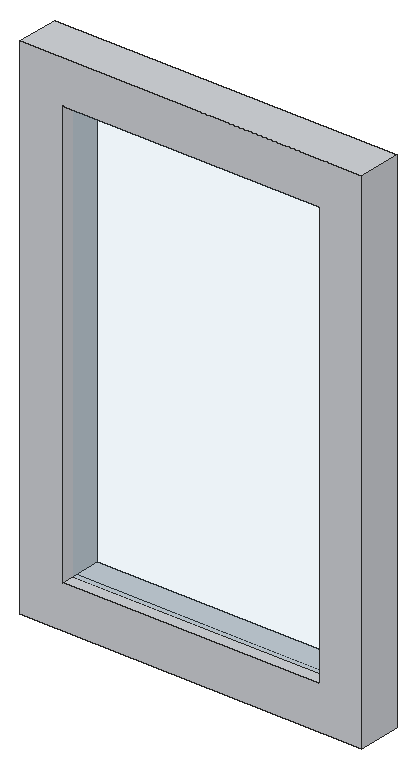
Revit family "ECCHO Window", category Windows, host Wall, Revit 2018
Family settings
  Host = Wall
  OmniClass Number = 23.30.20.00
  OmniClass Title = Windows
  Always vertical = Yes
  Cut with Voids When Loaded = No
  Shared = No
  Room Calculation Point = No
Parameters
  Top Sash Width Validated [instance] = if(Top Frame Width Sash < 10 mm, 10 mm, Top Frame Width Sash)  # 60 mm
  Top Frame Width Validated [instance] = if(Top Frame Width < 10 mm, 10 mm, Top Frame Width)  # 125 mm
  Top Frame Width Sash [instance] = 60 mm
  Top Frame Width Operable Validated [instance] = if(Top Frame Width Operable < 5 mm, 5 mm, Top Frame Width Operable)  # 200 mm
  Top Frame Width Operable [instance] = 200 mm
  Top Frame Width [instance] = 125 mm
  Sash Opening Symbol - Top Slide [instance] = no
  Sash Opening Symbol - Right Slide [instance] = no
  Sash Opening Symbol - Bottom Slide [instance] = no
  Sash Opening Symbol - Bottom Hung [instance] = no
  Sash Opening Symbol - Right Hung [instance] = no
  Right Sash Width Validated [instance] = if(Right Frame Width Sash < 10 mm, 10 mm, Right Frame Width Sash)  # 60 mm
  Right Frame Width Validated [instance] = if(Right Frame Width < 10 mm, 10 mm, Right Frame Width)  # 125 mm
  Right Frame Width Sash [instance] = 60 mm
  Right Frame Width Operable Validated [instance] = if(Right Frame Width Operable < 5 mm, 5 mm, Right Frame Width Operable)  # 200 mm
  Top Sash Width Constraint [instance] = if(not(Top Sash Width Validated < Top Frame Width Operable Validated), 5 mm, Top Sash Width Validated)  # 60 mm
  Top Frame Width Constraint [instance] = if(Sash Option, if(Top Frame Width Operable = 0 mm, Top Frame Width Validated, Top Frame Width Operable Validated), Top Frame Width Validated)  # 125 mm
  Sash Setback [instance] = 100 mm
  Sash Opening Symbol - Top Hung [instance] = no
  Sash Opening Symbol - Left Slide [instance] = no
  Sash Opening Symbol - Left Hung [instance] = no
  Sash Depth [instance] = 100 mm
  Sash Option [instance] = no
  Right Sash Width Constraint [instance] = if(not(Right Sash Width Validated < Right Frame Width Operable Validated), 5 mm, Right Sash Width Validated)  # 60 mm
  Right Frame Width Operable [instance] = 200 mm
  Right Frame Width Constraint [instance] = if(Sash Option, if(Right Frame Width Operable = 0 mm, Right Frame Width Validated, Right Frame Width Operable Validated), Right Frame Width Validated)  # 125 mm
  Right Frame Width [instance] = 125 mm
  No Sash Option [instance] = not(Sash Option)  # yes
  Left Sash Width Validated [instance] = if(Left Frame Width Sash < 10 mm, 10 mm, Left Frame Width Sash)  # 60 mm
  Left Sash Width Constraint [instance] = if(not(Left Sash Width Validated < Left Frame Width Operable Validated), 5 mm, Left Sash Width Validated)  # 60 mm
  Left Frame Width Validated [instance] = if(Left Frame Width < 10 mm, 10 mm, Left Frame Width)  # 125 mm
  Left Frame Width Sash [instance] = 60 mm
  Left Frame Width Operable Validated [instance] = if(Left Frame Width Operable < 5 mm, 5 mm, Left Frame Width Operable)  # 200 mm
  Left Frame Width Operable [instance] = 200 mm
  Left Frame Width Constraint [instance] = if(Sash Option, if(Left Frame Width Operable = 0 mm, Left Frame Width Validated, Left Frame Width Operable Validated), Left Frame Width Validated)  # 125 mm
  Left Frame Width [instance] = 125 mm
  Height [instance] = 1500 mm
  Glass Thickness [instance] = 14.974 mm
  Glass Setback Constraint [instance] = if(No Sash Option, Glass Setback Case No Sash Option, Glass Setback Case Sash Option)  # 125 mm
  Glass Setback Case Sash Option [instance] = if(and(Sash Option, Glass Setback < Sash Setback), Sash Setback, if(and(Sash Option, Glass Setback > Sash Setback + Sash Depth), Sash Setback + Sash Depth - Glass Thickness, Glass Setback))  # 125 mm
  Glass Setback Case No Sash Option [instance] = if(and(No Sash Option, Glass Setback < Frame Setback), Frame Setback, if(and(No Sash Option, Glass Setback > Frame Setback + Frame Depth), Frame Setback + Frame Depth - Glass Thickness, Glass Setback))  # 125 mm
  Glass Setback [instance] = 125 mm
  Glass Material [instance] = Glass
  Frame Setback [instance] = 50 mm
  Frame Material [instance] = none
  Frame Depth [instance] = 125 mm
  ECCHO Winter Sun Admitted [instance] = 80
  ECCHO Summer Sun Admitted [instance] = 90
  ECCHO Shade Height [instance] = 1000 mm
  ECCHO Shade Depth [instance] = 1000 mm
  ECCHO Installed In [instance] = ""
  ECCHO Glazing Type [instance] = ""
  ECCHO Frame Type [instance] = ""
  ECCHO Family Object Version = "1.1 - February 2024"
  ECCHO Description [instance] = ""
  Default Sill Height = 800 mm
  Wall Closure = By host
  Width [instance] = 1000 mm
  Bottom Sash Width Validated [instance] = if(Bottom Frame Width Sash < 10 mm, 10 mm, Bottom Frame Width Sash)  # 60 mm
  Bottom Sash Width Constraint [instance] = if(not(Bottom Sash Width Validated < Bottom Frame Width Operable Validated), 5 mm, Bottom Sash Width Validated)  # 60 mm
  Bottom Frame Width Validated [instance] = if(Bottom Frame Width < 10 mm, 10 mm, Bottom Frame Width)  # 125 mm
  Bottom Frame Width Sash [instance] = 60 mm
  Bottom Frame Width Operable Validated [instance] = if(Bottom Frame Width Operable < 5 mm, 5 mm, Bottom Frame Width Operable)  # 200 mm
  Bottom Frame Width Operable [instance] = 200 mm
  Bottom Frame Width Constraint [instance] = if(Sash Option, if(Bottom Frame Width Operable = 0 mm, Bottom Frame Width Validated, Bottom Frame Width Operable Validated), Bottom Frame Width Validated)  # 125 mm
  Shading Guides and Labels Visible [instance] = yes
  Bottom Frame Width [instance] = 125 mm
  Analytic Construction = "<None>"
Reference planes
  plane 1 "Center (Front/Back)": y = 0
  plane 2 "Center (Left/Right)": x = 0
  plane 3 "Left": x = -500
  plane 4 "Right": x = 500
  plane 5 "Sill": z = 800
  plane 6 "Head": z = 2300
  plane 7 "Exterior": y = 100
  plane 8 "Interior": y = -100
  plane 9 "Left Frame Overall": x = -375
  plane 10 "Right Frame Overall": x = 375
  plane 11 "Top Frame Overall": z = 2175
  plane 12 "Bottom Frame Overall": z = 925
  plane 13 "Frame Setback": y = 50
  plane 14 "Frame Depth": y = -75
  plane 15 "Glass Setback": y = -25
  plane 16 "Left Sash": x = -435
  plane 17 "Right Sash": x = 435
  plane 18 "Top Sash": z = 2235
  plane 19 "Bottom Sash": z = 865
  plane 20 "Sash Setback": y = 0
  plane 21 "Sash Depth": y = -100
  plane 22 "Glass Thickness": y = -39.974
  plane 23 "Right Frame to Wall Opening": x = 500
  plane 24 "Left Frame to Wall Opening": x = -500
  plane 25 "Top Frame to Wall Opening": z = 2300
  plane 26 "Bottom Frame to Wall Opening": z = 800
  plane 27 "Distance to Overhang": y = 975
  plane 28 "Height of Overhang": z = 3175
  plane 29 "Center (Top/Bottom)": z = 1550
Forms (mm)
  Extrusion 1, solid, material <- "Frame Material", visible <- "No Sash Option"
    sketch origin (0, 0, 0) x (1, 0, 0) y (0, 1, 0)
      loop
        line (-500, 50) -> (-500, -75) -> (-375, -75) -> (-375, 50) -> (-500, 50)
    from 800 to 2300
  Extrusion 2, solid, material <- "Frame Material", visible <- "No Sash Option"
    sketch origin (240, 0, 0) x (1, 0, 0) y (0, 1, 0)
      loop
        line (135, 50) -> (135, -75) -> (260, -75) -> (260, 50) -> (135, 50)
    from 800 to 2300
  Extrusion 3, solid, material <- "Frame Material", visible <- "No Sash Option"
    sketch origin (-500, 0, 0) x (0, -1, 0) y (0, 0, 1)
      loop
        line (-50, 2300) -> (-50, 2175) -> (75, 2175) -> (75, 2300) -> (-50, 2300)
    from -1000 to 0
  Extrusion 4, solid, material <- "Frame Material", visible <- "No Sash Option"
    sketch origin (-500, 0, 0) x (0, -1, 0) y (0, 0, 1)
      loop
        line (-50, 925) -> (-50, 800) -> (75, 800) -> (75, 925) -> (-50, 925)
    from -1000 to 0
  Extrusion 5, solid, material <- "Frame Material", visible <- "Sash Option"
    sketch origin (0, 0, 0) x (1, 0, 0) y (0, 1, 0)
      loop
        line (-375, 0) -> (-435, 0) -> (-435, -100) -> (-375, -100) -> (-375, 0)
    from 865 to 2235
  Extrusion 6, solid, material <- "Frame Material", visible <- "Sash Option"
    sketch origin (260, 0, 0) x (1, 0, 0) y (0, 1, 0)
      loop
        line (175, 0) -> (115, 0) -> (115, -100) -> (175, -100) -> (175, 0)
    from 865 to 2235
  Extrusion 7, solid, material <- "Frame Material", visible <- "Sash Option"
    sketch origin (-500, 0, 0) x (0, -1, 0) y (0, 0, 1)
      loop
        line (0, 2235) -> (0, 2175) -> (100, 2175) -> (100, 2235) -> (0, 2235)
    from -935 to -65
  Extrusion 8, solid, material <- "Frame Material", visible <- "Sash Option"
    sketch origin (-500, 0, -1160) x (0, -1, 0) y (0, 0, 1)
      loop
        line (0, 2085) -> (0, 2025) -> (100, 2025) -> (100, 2085) -> (0, 2085)
    from -935 to -65
  Extrusion 9, solid, material "Glass" <- "Glass Material"
    sketch origin (0, 100, 0) x (1, 0, 0) y (0, 0, 1)
      loop
        line (375, 2175) -> (-375, 2175) -> (-375, 925) -> (375, 925) -> (375, 2175)
    from 125 to 139.974
  Extrusion 10, solid, material <- "Frame Material", visible <- "Sash Option"
    sketch origin (0, 0, 0) x (1, 0, 0) y (0, 1, 0)
      loop
        line (-500, 50) -> (-500, -75) -> (-435, -75) -> (-435, 50) -> (-500, 50)
    from 800 to 2300
  Extrusion 11, solid, material <- "Frame Material", visible <- "Sash Option"
    sketch origin (240, 0, 0) x (1, 0, 0) y (0, 1, 0)
      loop
        line (195, 50) -> (195, -75) -> (260, -75) -> (260, 50) -> (195, 50)
    from 800 to 2300
  Extrusion 12, solid, material <- "Frame Material", visible <- "Sash Option"
    sketch origin (-500, 0, 0) x (0, -1, 0) y (0, 0, 1)
      loop
        line (-50, 2300) -> (-50, 2235) -> (75, 2235) -> (75, 2300) -> (-50, 2300)
    from -1000 to 0
  Extrusion 13, solid, material <- "Frame Material", visible <- "Sash Option"
    sketch origin (-500, 0, 0) x (0, -1, 0) y (0, 0, 1)
      loop
        line (-50, 865) -> (-50, 800) -> (75, 800) -> (75, 865) -> (-50, 865)
    from -1000 to 0
Cuts and joins
  joined: Extrusion 1, Extrusion 2, Extrusion 3, Extrusion 4
  joined: Extrusion 5, Extrusion 6, Extrusion 7, Extrusion 8
  joined: Extrusion 10, Extrusion 11, Extrusion 12, Extrusion 13
Lines and regions (mm)
  Opening 1
    outline origin (3500, -100, 0) x (1, 0, 0) y (0, 0, 1)
      loop
        line (-3000, 800) -> (-3000, 2300) -> (-4000, 2300) -> (-4000, 800) -> (-3000, 800)
  symbolic lines, style "WindowsHiddenLines", visible <- "Shading Guides and Labels Visible"
    curve 1: line (-500, 1075, 3175) -> (-500, -25, 3175)
    curve 2: line (-500, 975, 3075) -> (-500, 975, 3675)
    curve 3: line (-500, 975, 0) -> (500, 975, 0)
    curve 4: line (500, 100, 3175) -> (-500, 100, 3175)
  symbolic lines, style "WindowsHiddenLines", visible <- "Sash Opening Symbol - Left Hung"
    curve 5: line (375, 100, 2175) -> (-375, 100, 1550)
    curve 6: line (375, 100, 925) -> (-375, 100, 1550)
  symbolic lines, style "WindowsHiddenLines", visible <- "Sash Opening Symbol - Right Hung"
    curve 7: line (-375, 100, 2175) -> (375, 100, 1550)
    curve 8: line (-375, 100, 925) -> (375, 100, 1550)
  symbolic lines, style "WindowsHiddenLines", visible <- "Sash Opening Symbol - Top Hung"
    curve 9: line (375, 100, 2175) -> (0, 100, 925)
    curve 10: line (0, 100, 925) -> (-375, 100, 2175)
  symbolic lines, style "WindowsHiddenLines", visible <- "Sash Opening Symbol - Bottom Hung"
    curve 11: line (375, 100, 925) -> (0, 100, 2175)
    curve 12: line (0, 100, 2175) -> (-375, 100, 925)
Text (mm)
  text "EXTERIOR" at (-1963.203, 1332.353, 0), in view "Ref. Level"
  text "INTERIOR" at (-1981.466, -818.386, 0), in view "Ref. Level"
  text "Exterior" at (0, 923.751, 2943.296), in view "Right"
  text "Exterior" at (0, 1040.484, 2685.409), in view "Left"
Dimensions and locks
  equal spacing: plane 3 "Left", plane 2 "Center (Left/Right)", plane 4 "Right"
  "Width": plane 3 "Left" to plane 4 "Right"
  "Height": plane 5 "Sill" to plane 6 "Head"
  "Default Sill Height": plane 5 "Sill" to level
  locked: plane 7 "Exterior" to host wall at 0
  locked: plane 8 "Interior" to host wall
  "Left Frame Width Constraint": plane 24 "Left Frame to Wall Opening" to plane 9 "Left Frame Overall"
  "Right Frame Width Constraint": plane 10 "Right Frame Overall" to plane 23 "Right Frame to Wall Opening"
  "Bottom Frame Width Constraint": plane 26 "Bottom Frame to Wall Opening" to plane 12 "Bottom Frame Overall"
  "Glass Setback Constraint": plane 15 "Glass Setback" to plane 7 "Exterior"
  "Frame Setback": plane 13 "Frame Setback" to plane 7 "Exterior"
  "Frame Depth": plane 13 "Frame Setback" to plane 14 "Frame Depth"
  "Bottom Sash Width Constraint": plane 19 "Bottom Sash" to plane 12 "Bottom Frame Overall"
  "Top Sash Width Constraint": plane 11 "Top Frame Overall" to plane 18 "Top Sash"
  "Right Sash Width Constraint": plane 10 "Right Frame Overall" to plane 17 "Right Sash"
  "Left Sash Width Constraint": plane 16 "Left Sash" to plane 9 "Left Frame Overall"
  "Sash Setback": plane 20 "Sash Setback" to plane 7 "Exterior"
  "Sash Depth": plane 20 "Sash Setback" to plane 21 "Sash Depth"
  "Glass Thickness": plane 15 "Glass Setback" to plane 22 "Glass Thickness"
  "Top Frame Width Constraint": plane 11 "Top Frame Overall" to plane 25 "Top Frame to Wall Opening"
  "ECCHO Shade Depth": plane 27 "Distance to Overhang" to plane 15 "Glass Setback"
  "ECCHO Shade Height": plane 11 "Top Frame Overall" to plane 28 "Height of Overhang"
  curve 1 to plane 27 "Distance to Overhang" to nested 4 = 100 mm locked, 150 mm locked
  equal spacing: plane 5 "Sill", plane 29 "Center (Top/Bottom)", plane 6 "Head"
  locked: curve 2 to plane 28 "Height of Overhang" at 500
  locked: plane 28 "Height of Overhang" to curve 2 at 100
  locked: nested 2 to plane 28 "Height of Overhang" at 150
  aligned and locked: Extrusion 1 sketch curve to plane 13 "Frame Setback"
  aligned and locked: plane 9 "Left Frame Overall" to Extrusion 1 sketch curve
  aligned and locked: plane 5 "Sill" to Extrusion 1
  aligned and locked: Extrusion 1 to plane 6 "Head"
  aligned and locked: Extrusion 2 sketch curve to plane 10 "Right Frame Overall"
  aligned and locked: Extrusion 2 to plane 6 "Head"
  aligned and locked: plane 5 "Sill" to Extrusion 2
  aligned and locked: Extrusion 3 sketch curve to plane 13 "Frame Setback"
  aligned and locked: plane 14 "Frame Depth" to Extrusion 3 sketch curve
  aligned and locked: plane 14 "Frame Depth" to Extrusion 4 sketch curve
  aligned and locked: plane 12 "Bottom Frame Overall" to Extrusion 4 sketch curve
  aligned and locked: Extrusion 4 sketch curve to plane 13 "Frame Setback"
  aligned and locked: plane 3 "Left" to Extrusion 3
  aligned and locked: plane 3 "Left" to Extrusion 4
  aligned and locked: Extrusion 3 to plane 4 "Right"
  aligned and locked: Extrusion 4 to plane 4 "Right"
  aligned and locked: Extrusion 5 sketch curve to plane 9 "Left Frame Overall"
  aligned and locked: plane 16 "Left Sash" to Extrusion 5 sketch curve
  aligned and locked: plane 20 "Sash Setback" to Extrusion 5 sketch curve
  aligned and locked: Extrusion 5 sketch curve to plane 21 "Sash Depth"
  aligned and locked: plane 19 "Bottom Sash" to Extrusion 5
  aligned and locked: Extrusion 5 to plane 18 "Top Sash"
  aligned and locked: Extrusion 6 to plane 18 "Top Sash"
  aligned and locked: plane 19 "Bottom Sash" to Extrusion 6
  aligned and locked: Extrusion 6 sketch curve to plane 17 "Right Sash"
  aligned and locked: plane 10 "Right Frame Overall" to Extrusion 6 sketch curve
  aligned and locked: Extrusion 6 sketch curve to plane 21 "Sash Depth"
  aligned and locked: plane 20 "Sash Setback" to Extrusion 6 sketch curve
  aligned and locked: Extrusion 7 sketch curve to plane 11 "Top Frame Overall"
  aligned and locked: plane 18 "Top Sash" to Extrusion 7 sketch curve
  aligned and locked: plane 21 "Sash Depth" to Extrusion 7 sketch curve
  aligned and locked: Extrusion 7 sketch curve to plane 20 "Sash Setback"
  aligned and locked: Extrusion 7 to plane 17 "Right Sash"
  aligned and locked: plane 16 "Left Sash" to Extrusion 7
  aligned and locked: plane 16 "Left Sash" to Extrusion 8
  aligned and locked: Extrusion 8 to plane 17 "Right Sash"
  aligned and locked: Extrusion 8 sketch curve to plane 20 "Sash Setback"
  aligned and locked: plane 21 "Sash Depth" to Extrusion 8 sketch curve
  aligned and locked: plane 12 "Bottom Frame Overall" to Extrusion 8 sketch curve
  aligned and locked: Extrusion 8 sketch curve to plane 19 "Bottom Sash"
  aligned and locked: plane 11 "Top Frame Overall" to Extrusion 9 sketch curve
  aligned and locked: plane 10 "Right Frame Overall" to Extrusion 9 sketch curve
  aligned and locked: Extrusion 9 sketch curve to plane 12 "Bottom Frame Overall"
  aligned and locked: Extrusion 9 sketch curve to plane 9 "Left Frame Overall"
  aligned and locked: plane 15 "Glass Setback" to Extrusion 9
  aligned and locked: Extrusion 9 to plane 22 "Glass Thickness"
  aligned and locked: Extrusion 13 sketch curve to plane 13 "Frame Setback"
  aligned and locked: plane 14 "Frame Depth" to Extrusion 13 sketch curve
  aligned and locked: Extrusion 13 sketch curve to plane 5 "Sill"
  aligned and locked: plane 19 "Bottom Sash" to Extrusion 13 sketch curve
  aligned and locked: cut or joined group of Extrusion 10, Extrusion 11, Extrusion 12, Extrusion 13 to plane 4 "Right"  (x2)
  aligned and locked: plane 3 "Left" to cut or joined group of Extrusion 10, Extrusion 11, Extrusion 12, Extrusion 13  (x2)
  aligned and locked: Extrusion 12 sketch curve to plane 13 "Frame Setback"
  aligned and locked: plane 14 "Frame Depth" to Extrusion 12 sketch curve
  aligned and locked: Extrusion 12 sketch curve to plane 18 "Top Sash"
  aligned and locked: plane 6 "Head" to Extrusion 12 sketch curve
  aligned and locked: plane 4 "Right" to Extrusion 11 sketch curve
  aligned and locked: plane 14 "Frame Depth" to Extrusion 11 sketch curve
  aligned and locked: Extrusion 11 sketch curve to plane 13 "Frame Setback"
  aligned and locked: Extrusion 11 sketch curve to plane 17 "Right Sash"
  aligned and locked: cut or joined group of Extrusion 10, Extrusion 11, Extrusion 12, Extrusion 13 to plane 6 "Head"  (x2)
  aligned and locked: plane 5 "Sill" to cut or joined group of Extrusion 10, Extrusion 11, Extrusion 12, Extrusion 13  (x2)
  aligned and locked: Extrusion 10 sketch curve to plane 3 "Left"
  aligned and locked: plane 14 "Frame Depth" to Extrusion 10 sketch curve
  aligned and locked: Extrusion 10 sketch curve to plane 13 "Frame Setback"
  aligned and locked: plane 16 "Left Sash" to Extrusion 10 sketch curve
  aligned and locked: plane 14 "Frame Depth" to Extrusion 2 sketch curve
  aligned and locked: Extrusion 2 sketch curve to plane 13 "Frame Setback"
  aligned and locked: plane 14 "Frame Depth" to Extrusion 1 sketch curve
  aligned and locked: plane 23 "Right Frame to Wall Opening" to Extrusion 2 sketch curve
  aligned and locked: plane 4 "Right" to cut or joined group of Extrusion 10, Extrusion 11, Extrusion 12, Extrusion 13
  aligned and locked: plane 4 "Right" to plane 23 "Right Frame to Wall Opening"
  aligned and locked: plane 3 "Left" to plane 24 "Left Frame to Wall Opening"
  aligned and locked: Extrusion 1 sketch curve to plane 24 "Left Frame to Wall Opening"
  aligned and locked: plane 25 "Top Frame to Wall Opening" to plane 6 "Head"
  aligned and locked: plane 26 "Bottom Frame to Wall Opening" to plane 5 "Sill"
  aligned and locked: plane 26 "Bottom Frame to Wall Opening" to Extrusion 4 sketch curve
  aligned and locked: Extrusion 3 sketch curve to plane 25 "Top Frame to Wall Opening"
  aligned and locked: Extrusion 3 sketch curve to plane 11 "Top Frame Overall"
  aligned and locked: curve 1 to plane 28 "Height of Overhang"
  aligned and locked: curve 1 to plane 15 "Glass Setback"
  aligned and locked: curve 2 to plane 27 "Distance to Overhang"
  aligned and locked: plane 2 "Center (Left/Right)" to nested 1
  aligned and locked: nested 1 to plane 27 "Distance to Overhang"
  aligned and locked: curve 3 to plane 3 "Left"
  aligned and locked: curve 3 to plane 4 "Right"
  aligned and locked: curve 3 to plane 27 "Distance to Overhang"
  aligned and locked: plane 4 "Right" to curve 4
  aligned and locked: plane 3 "Left" to curve 4
  aligned and locked: curve 4 to plane 28 "Height of Overhang"
  aligned and locked: plane 28 "Height of Overhang" to nested 3
  aligned and locked: nested 3 to plane 2 "Center (Left/Right)"
  aligned and locked: nested 2 to plane 27 "Distance to Overhang"
  aligned and locked: nested 4 to plane 28 "Height of Overhang"
  aligned and locked: plane 11 "Top Frame Overall" to curve 5
  aligned and locked: plane 10 "Right Frame Overall" to curve 5
  aligned and locked: plane 10 "Right Frame Overall" to curve 6
  aligned and locked: plane 12 "Bottom Frame Overall" to curve 6
  aligned and locked: plane 29 "Center (Top/Bottom)" to curve 6
  aligned and locked: plane 9 "Left Frame Overall" to curve 6
  aligned and locked: plane 11 "Top Frame Overall" to curve 7
  aligned and locked: plane 9 "Left Frame Overall" to curve 7
  aligned and locked: plane 10 "Right Frame Overall" to curve 8
  aligned and locked: plane 9 "Left Frame Overall" to curve 8
  aligned and locked: plane 12 "Bottom Frame Overall" to curve 8
  aligned and locked: plane 29 "Center (Top/Bottom)" to curve 8
  aligned and locked: plane 2 "Center (Left/Right)" to nested 5
  aligned and locked: plane 29 "Center (Top/Bottom)" to nested 5
  aligned and locked: plane 2 "Center (Left/Right)" to nested 6
  aligned and locked: nested 6 to plane 29 "Center (Top/Bottom)"
  aligned and locked: nested 7 to plane 2 "Center (Left/Right)"
  aligned and locked: nested 7 to plane 29 "Center (Top/Bottom)"
  aligned and locked: plane 29 "Center (Top/Bottom)" to nested 8
  aligned and locked: plane 2 "Center (Left/Right)" to nested 8
Automatic sketch dimensions
  plane 3 "Left" to Opening 1 sketch curve = 0 mm
  plane 4 "Right" to Opening 1 sketch curve = 0 mm
  Opening 1 sketch curve to plane 5 "Sill" = 0 mm
  Opening 1 sketch curve to plane 6 "Head" = 0 mm
  plane 2 "Center (Left/Right)" to curve 9 = 0 mm
  plane 2 "Center (Left/Right)" to curve 11 = 0 mm
  curve 9 to plane 12 "Bottom Frame Overall" = 0 mm
  curve 12 to plane 11 "Top Frame Overall" = 0 mm
Nested families
  nested 1: "Shading Depth Text" at (0, 975, 0), visible <- "Shading Guides and Labels Visible", type "Shading Depth Text"
  nested 2: "Shading Depth Text - Elevation" at (-500, 975, 3325) x (0, 0, 1) z (-1, 0, 0), visible <- "Shading Guides and Labels Visible", type "Shading Depth Text - Elevation"
  nested 3: "Shading Height Text - Elevation" at (0, 100, 3175) x (-1, 0, 0) z (0, -1, 0), visible <- "Shading Guides and Labels Visible", type "Shading Height Text - Elevation"
  nested 4: "Shading Height Text - Elevation" at (-500, 825, 3175) x (0, -1, 0) z (-1, 0, 0), visible <- "Shading Guides and Labels Visible", type "Shading Height Text - Elevation"
  nested 5: "Arrow Symbol - Left Right" at (0, 100, 1550) x (-1, 0, 0) z (0, -1, 0), visible <- "Sash Opening Symbol - Right Slide", type "Arrow Symbol - Left Right"
  nested 6: "Arrow Symbol - Left Right" at (0, 100, 1550) x (1, 0, 0) z (0, -1, 0), visible <- "Sash Opening Symbol - Left Slide", type "Arrow Symbol - Left Right"
  nested 7: "Arrow Symbol - Up Down" at (0, 100, 1550) x (1, 0, 0) z (0, -1, 0), visible <- "Sash Opening Symbol - Top Slide", type "Arrow Symbol - Up Down"
  nested 8: "Arrow Symbol - Up Down" at (0, 100, 1550) x (-1, 0, 0) z (0, -1, 0), visible <- "Sash Opening Symbol - Bottom Slide", type "Arrow Symbol - Up Down"
Definition of nested family "Shading Depth Text"
  Reference planes
    plane 1: y = 0
    plane 2: x = 0
  Text (mm)
    text "Shading Depth" at (0.078, 0.757, 0)
Definition of nested family "Shading Depth Text - Elevation"
  Reference planes
    plane 1 "Center (Front/Back)": y = 0
    plane 2: z = 0
    plane 3 "Center (Left/Right)": x = 0
  Lines and regions (mm)
    Filled region 1, type "Solid Fill - Blue", in view "Ref. Level"
      outline origin (239.716, 44.706, 0) x (1, 0, 0) y (0, 1, 0)
        loop
          line (-188.129, -25.472) -> (-174.751, -25.472)
          spline (-174.751, -25.472) -> (-175.33, -18.793) -> (-178.232, -15.972) -> (-182.297, -15.286) -> (-185.875, -16.235) -> (-188.923, -19.053) -> (-190.829, -22.908) -> (-191.378, -26.678) -> (-190.398, -30.629) -> (-187.637, -33.408) -> (-183.785, -34.191) -> (-179.629, -32.861) -> (-175.591, -27.915)
          line (-175.591, -27.915) -> (-178.628, -27.65)
          spline (-178.628, -27.65) -> (-179.383, -29.083) -> (-180.181, -30.112) -> (-181.08, -30.842) -> (-182.086, -31.328) -> (-183.191, -31.613) -> (-184.325, -31.69) -> (-185.385, -31.524) -> (-186.294, -31.082) -> (-187.053, -30.342) -> (-187.68, -29.283) -> (-188.105, -27.762) -> (-188.129, -25.472)
        loop
          spline (-177.445, -23.161) -> (-177.526, -21.224) -> (-177.805, -19.993) -> (-178.317, -19.083) -> (-179.061, -18.396) -> (-179.944, -17.928) -> (-180.872, -17.685) -> (-181.802, -17.626) -> (-182.746, -17.748) -> (-183.806, -18.125) -> (-185.057, -18.884) -> (-186.406, -20.407) -> (-187.699, -23.161)
          line (-187.699, -23.161) -> (-177.445, -23.161)
    Filled region 2, type "Solid Fill - Blue", in view "Ref. Level"
      outline origin (259.716, 44.706, 0) x (1, 0, 0) y (0, 1, 0)
        loop
          line (-186.079, -15.595) -> (-188.899, -15.595) -> (-194.179, -40.709) -> (-191.095, -40.709) -> (-189.029, -30.835)
          spline (-189.029, -30.835) -> (-186.157, -33.697) -> (-183.066, -34.086) -> (-180.326, -33.063) -> (-178.018, -31.037) -> (-176.385, -28.487) -> (-175.434, -25.79) -> (-175.094, -22.717) -> (-175.444, -19.552) -> (-176.752, -17.073) -> (-178.919, -15.577) -> (-182.006, -15.209) -> (-186.603, -18.088)
          line (-186.603, -18.088) -> (-186.079, -15.595)
        loop
          arc (-181.651, -17.648) -> (-182.769, -17.659) -> (-183.822, -18.032) r 3.395
          spline (-183.822, -18.032) -> (-186.848, -21.445) -> (-187.875, -24.479) -> (-188.127, -27.365) -> (-187.399, -29.907) -> (-185.536, -31.372) -> (-183.096, -31.527) -> (-181.055, -30.388) -> (-179.713, -28.508) -> (-178.633, -25.964) -> (-178.108, -22.819) -> (-178.745, -19.61) -> (-181.651, -17.648)
    Filled region 3, type "Solid Fill - Blue", in view "Ref. Level"
      outline origin (278.596, 44.706, 0) x (1, 0, 0) y (0, 1, 0)
        loop
          line (-187.49, -11.115) -> (-188.417, -15.578) -> (-190.846, -15.578) -> (-191.339, -17.95) -> (-188.905, -17.95) -> (-191.269, -29.32)
          spline (-191.269, -29.32) -> (-191.545, -31) -> (-191.522, -31.884) -> (-191.317, -32.429) -> (-191.002, -32.879) -> (-190.6, -33.252) -> (-190.13, -33.553) -> (-189.606, -33.78) -> (-189.039, -33.934) -> (-188.413, -34.021) -> (-187.702, -34.05) -> (-186.83, -33.989) -> (-185.65, -33.743)
          line (-185.65, -33.743) -> (-185.127, -31.231)
          spline (-185.127, -31.231) -> (-185.795, -31.368) -> (-186.333, -31.419) -> (-186.787, -31.438) -> (-187.178, -31.429) -> (-187.519, -31.384) -> (-187.807, -31.28) -> (-188.036, -31.1) -> (-188.195, -30.866) -> (-188.282, -30.578) -> (-188.297, -30.19) -> (-188.212, -29.521) -> (-187.974, -28.294)
          line (-187.974, -28.294) -> (-185.827, -17.96) -> (-182.751, -17.96) -> (-182.244, -15.575) -> (-185.32, -15.575) -> (-183.915, -8.967) -> (-187.49, -11.115)
    Filled region 4, type "Solid Fill - Blue", in view "Ref. Level"
      outline origin (293.596, 44.706, 0) x (1, 0, 0) y (0, 1, 0)
        loop
          line (-192.188, -8.657) -> (-197.438, -33.736) -> (-194.336, -33.736) -> (-192.574, -25.259)
          spline (-192.574, -25.259) -> (-191.858, -22.757) -> (-191.218, -21.145) -> (-190.464, -20.009) -> (-189.61, -19.173) -> (-188.723, -18.55) -> (-187.845, -18.132) -> (-186.921, -17.878) -> (-185.801, -17.712) -> (-184.625, -17.802) -> (-183.654, -18.34) -> (-183.153, -19.436) -> (-183.45, -22.038)
          line (-183.45, -22.038) -> (-185.899, -33.736) -> (-182.801, -33.736) -> (-180.19, -21.173)
          spline (-180.19, -21.173) -> (-180.056, -18.717) -> (-180.53, -17.448) -> (-181.076, -16.658) -> (-181.646, -16.096) -> (-182.352, -15.691) -> (-183.177, -15.409) -> (-184.069, -15.236) -> (-185.026, -15.185) -> (-186.084, -15.289) -> (-187.319, -15.646) -> (-188.923, -16.544) -> (-191.108, -18.3)
          line (-191.108, -18.3) -> (-189.104, -8.657) -> (-192.188, -8.657)
    Filled region 5, type "Solid Fill - Blue", in view "Ref. Level"
      outline origin (216.273, 44.506, 0) x (1, 0, 0) y (0, 1, 0)
        loop
          line (-187.914, -8.456) -> (-193.1, -33.534) -> (-183.794, -33.534)
          spline (-183.794, -33.534) -> (-178.564, -32.741) -> (-175.387, -31.033) -> (-173.338, -29.055) -> (-171.855, -26.909) -> (-170.738, -24.562) -> (-170.018, -21.949) -> (-169.712, -19.253) -> (-169.848, -16.664) -> (-170.507, -14.108) -> (-171.911, -11.608) -> (-174.525, -9.449) -> (-179.406, -8.456)
          line (-179.406, -8.456) -> (-187.914, -8.456)
        loop
          line (-189.178, -30.718) -> (-185.025, -30.718)
          spline (-185.025, -30.718) -> (-179.894, -30.078) -> (-177.995, -29.168) -> (-176.431, -27.775) -> (-174.97, -25.766) -> (-173.967, -23.623) -> (-173.38, -21.508) -> (-173.154, -19.53) -> (-173.216, -17.383) -> (-173.648, -14.933) -> (-174.776, -13.121) -> (-176.404, -11.889) -> (-180.138, -11.305)
          line (-180.138, -11.305) -> (-185.138, -11.305) -> (-189.178, -30.718)
    Filled region 6, type "Solid Fill - Blue", in view "Ref. Level"
      outline origin (-226.375, -4.661, 0) x (-1, 0, 0) y (0, -1, 0)
        loop
          line (-186.079, -15.595) -> (-188.899, -15.595) -> (-194.179, -40.709) -> (-191.095, -40.709) -> (-189.029, -30.835)
          spline (-189.029, -30.835) -> (-186.157, -33.697) -> (-183.066, -34.086) -> (-180.326, -33.063) -> (-178.018, -31.037) -> (-176.385, -28.487) -> (-175.434, -25.79) -> (-175.094, -22.717) -> (-175.444, -19.552) -> (-176.752, -17.073) -> (-178.919, -15.577) -> (-182.006, -15.209) -> (-186.603, -18.088)
          line (-186.603, -18.088) -> (-186.079, -15.595)
        loop
          arc (-181.651, -17.648) -> (-182.769, -17.659) -> (-183.822, -18.032) r 3.395
          spline (-183.822, -18.032) -> (-186.848, -21.445) -> (-187.875, -24.479) -> (-188.127, -27.365) -> (-187.399, -29.907) -> (-185.536, -31.372) -> (-183.096, -31.527) -> (-181.055, -30.388) -> (-179.713, -28.508) -> (-178.633, -25.964) -> (-178.108, -22.819) -> (-178.745, -19.61) -> (-181.651, -17.648)
    Filled region 7, type "Solid Fill - Blue", in view "Ref. Level"
      outline origin (171.644, 44.706, 0) x (1, 0, 0) y (0, 1, 0)
        loop
          line (-193.316, -15.539) -> (-197.126, -33.736) -> (-194.024, -33.736) -> (-192.262, -25.259)
          spline (-192.262, -25.259) -> (-191.545, -22.757) -> (-190.906, -21.145) -> (-190.152, -20.009) -> (-189.297, -19.173) -> (-188.41, -18.55) -> (-187.533, -18.132) -> (-186.608, -17.878) -> (-185.489, -17.712) -> (-184.313, -17.802) -> (-183.342, -18.34) -> (-182.84, -19.436) -> (-183.137, -22.038)
          line (-183.137, -22.038) -> (-185.586, -33.736) -> (-182.488, -33.736) -> (-179.908, -21.321)
          spline (-179.908, -21.321) -> (-179.771, -18.796) -> (-180.258, -17.492) -> (-180.819, -16.68) -> (-181.405, -16.102) -> (-182.131, -15.685) -> (-182.979, -15.396) -> (-183.896, -15.218) -> (-184.88, -15.166) -> (-185.968, -15.272) -> (-187.237, -15.639) -> (-188.886, -16.562) -> (-191.132, -18.368)
          line (-191.132, -18.368) -> (-190.544, -15.539) -> (-193.316, -15.539)
    Filled region 8, type "Solid Fill - Blue", in view "Ref. Level"
      outline origin (106.984, 44.706, 0) x (1, 0, 0) y (0, 1, 0)
        loop
          line (-192.188, -8.657) -> (-197.438, -33.736) -> (-194.336, -33.736) -> (-192.574, -25.259)
          spline (-192.574, -25.259) -> (-191.858, -22.757) -> (-191.218, -21.145) -> (-190.464, -20.009) -> (-189.61, -19.173) -> (-188.723, -18.55) -> (-187.845, -18.132) -> (-186.921, -17.878) -> (-185.801, -17.712) -> (-184.625, -17.802) -> (-183.654, -18.34) -> (-183.153, -19.436) -> (-183.45, -22.038)
          line (-183.45, -22.038) -> (-185.899, -33.736) -> (-182.801, -33.736) -> (-180.19, -21.173)
          spline (-180.19, -21.173) -> (-180.056, -18.717) -> (-180.53, -17.448) -> (-181.076, -16.658) -> (-181.646, -16.096) -> (-182.352, -15.691) -> (-183.177, -15.409) -> (-184.069, -15.236) -> (-185.026, -15.185) -> (-186.084, -15.289) -> (-187.319, -15.646) -> (-188.923, -16.544) -> (-191.108, -18.3)
          line (-191.108, -18.3) -> (-189.104, -8.657) -> (-192.188, -8.657)
    Filled region 9, type "Solid Fill - Blue", in view "Ref. Level"
      outline origin (82.959, 44.706, 0) x (1, 0, 0) y (0, 1, 0)
        loop
          spline (-195.17, -25.623) -> (-192.776, -32.073) -> (-188.089, -33.959) -> (-182.968, -33.923) -> (-178.229, -31.897) -> (-175.958, -28.111) -> (-176.871, -23.403) -> (-180.696, -20.578) -> (-186.432, -17.926) -> (-188.798, -14.768) -> (-186.294, -11.47) -> (-180.901, -11.31) -> (-177.346, -16.024)
          line (-177.346, -16.024) -> (-174.17, -15.766)
          spline (-174.17, -15.766) -> (-177.518, -9.555) -> (-182.126, -8.275) -> (-187.128, -8.727) -> (-191.139, -11.773) -> (-191.885, -16.401) -> (-189.251, -19.925) -> (-184.018, -22.627) -> (-179.768, -25.25) -> (-179.926, -29.203) -> (-184.365, -31.341) -> (-189.698, -30.407) -> (-191.899, -25.337)
          line (-191.899, -25.337) -> (-195.17, -25.623)
    Filled region 10, type "Solid Fill - Blue", in view "Ref. Level"
      outline origin (164.271, 44.706, 0) x (1, 0, 0) y (0, 1, 0)
        loop
          line (-193.316, -15.539) -> (-197.126, -33.736) -> (-194.024, -33.736) -> (-190.242, -15.539) -> (-193.316, -15.539)
        loop
          line (-191.866, -8.614) -> (-192.603, -12.131) -> (-189.501, -12.131) -> (-188.77, -8.614) -> (-191.866, -8.614)
    Filled region 11, type "Solid Fill - Blue", in view "Ref. Level"
      outline origin (-242.371, -4.661, 0) x (-1, 0, 0) y (0, -1, 0)
        loop
          spline (-186.983, -15.595) -> (-186.575, -18.614) -> (-187.052, -21.654) -> (-187.64, -24.363) -> (-188.198, -26.95) -> (-188.473, -29.433) -> (-187.921, -31.546) -> (-186.242, -33.128) -> (-183.842, -34.019) -> (-181.18, -34.198) -> (-178.616, -33.818) -> (-176.096, -32.585) -> (-173.321, -28.628)
          line (-173.321, -28.628) -> (-176.493, -28.351)
          spline (-176.493, -28.351) -> (-177.462, -30.13) -> (-178.315, -30.841) -> (-179.096, -31.219) -> (-179.876, -31.502) -> (-180.739, -31.664) -> (-181.726, -31.686) -> (-182.744, -31.576) -> (-183.677, -31.344) -> (-184.446, -30.978) -> (-185.026, -30.43) -> (-185.382, -29.604) -> (-185.354, -28.086)
          line (-185.354, -28.086) -> (-185.065, -27.007)
          spline (-185.065, -27.007) -> (-181.7, -26.436) -> (-179.19, -26.319) -> (-177.155, -26.115) -> (-175.397, -25.673) -> (-173.733, -24.833) -> (-172.409, -23.519) -> (-171.717, -21.852) -> (-171.546, -20.15) -> (-171.897, -18.509) -> (-172.833, -16.929) -> (-174.804, -15.584) -> (-178.407, -15.278)
          arc (-178.407, -15.278) -> (-181.116, -16.2) -> (-183.451, -17.855) r 9.96
          arc (-183.451, -17.855) -> (-183.545, -16.716) -> (-183.771, -15.595) r 9.814
          line (-183.771, -15.595) -> (-186.983, -15.595)
        loop
          spline (-184.6, -24.83) -> (-181.183, -24.197) -> (-178.973, -23.942) -> (-176.913, -23.548) -> (-175.346, -22.622) -> (-174.657, -21.126) -> (-174.879, -19.298) -> (-176.098, -18.073) -> (-177.944, -17.579) -> (-179.956, -17.901) -> (-181.797, -18.877) -> (-183.264, -20.581) -> (-184.342, -23.502)
          line (-184.342, -23.502) -> (-184.6, -24.83)
    Filled region 12, type "Solid Fill - Blue", in view "Ref. Level"
      outline origin (190.884, 44.346, 0) x (1, 0, 0) y (0, 1, 0)
        loop
          line (-182.488, -33.736) -> (-178.634, -15.192) -> (-181.453, -15.192) -> (-182.088, -18.18)
          spline (-182.088, -18.18) -> (-185.591, -15.129) -> (-188.486, -14.893) -> (-191.23, -15.849) -> (-193.534, -17.667) -> (-195.248, -20.019) -> (-196.303, -22.717) -> (-196.595, -25.729) -> (-196.356, -28.472) -> (-195.399, -30.744) -> (-193.547, -32.489) -> (-190.281, -33.372) -> (-184.981, -30.844)
          line (-184.981, -30.844) -> (-185.586, -33.736)
          spline (-185.586, -33.736) -> (-186.185, -35.372) -> (-186.72, -36.454) -> (-187.298, -37.153) -> (-187.968, -37.601) -> (-188.692, -37.866) -> (-189.428, -38.01) -> (-190.188, -38.073) -> (-191.033, -38.071) -> (-192.022, -38.022) -> (-193.086, -37.794) -> (-193.943, -37.017) -> (-194.295, -35.303)
          line (-194.295, -35.303) -> (-197.43, -35.029)
          spline (-197.43, -35.029) -> (-197.076, -37.852) -> (-195.856, -39.351) -> (-194.391, -40.098) -> (-192.852, -40.437) -> (-191.29, -40.618) -> (-189.745, -40.633) -> (-188.249, -40.359) -> (-186.854, -39.81) -> (-185.63, -39.127) -> (-184.554, -38.165) -> (-183.518, -36.494) -> (-182.488, -33.736)
        loop
          spline (-186.958, -17.325) -> (-191.086, -19.026) -> (-192.956, -22.08) -> (-193.416, -24.547) -> (-193.455, -27.131) -> (-192.588, -29.305) -> (-190.983, -30.683) -> (-188.672, -30.743) -> (-186.379, -29.615) -> (-184.65, -27.605) -> (-183.525, -24.827) -> (-183.295, -21.36) -> (-184.907, -18.145)
          arc (-184.907, -18.145) -> (-185.873, -17.586) -> (-186.958, -17.325) r 3.894
Definition of nested family "Shading Height Text - Elevation"
  Reference planes
    plane 1 "Center (Front/Back)": y = 0
    plane 2: z = 0
    plane 3 "Center (Left/Right)": x = 0
  Lines and regions (mm)
    Filled region 1, type "Solid Fill - Blue", in view "Ref. Level"
      outline origin (240.028, 4.706, 0) x (1, 0, 0) y (0, 1, 0)
        loop
          line (-188.129, -25.472) -> (-174.751, -25.472)
          spline (-174.751, -25.472) -> (-175.33, -18.793) -> (-178.232, -15.972) -> (-182.297, -15.286) -> (-185.875, -16.235) -> (-188.923, -19.053) -> (-190.829, -22.908) -> (-191.378, -26.678) -> (-190.398, -30.629) -> (-187.637, -33.408) -> (-183.785, -34.191) -> (-179.629, -32.861) -> (-175.591, -27.915)
          line (-175.591, -27.915) -> (-178.628, -27.65)
          spline (-178.628, -27.65) -> (-179.383, -29.083) -> (-180.181, -30.112) -> (-181.08, -30.842) -> (-182.086, -31.328) -> (-183.191, -31.613) -> (-184.325, -31.69) -> (-185.385, -31.524) -> (-186.294, -31.082) -> (-187.053, -30.342) -> (-187.68, -29.283) -> (-188.105, -27.762) -> (-188.129, -25.472)
        loop
          spline (-177.445, -23.161) -> (-177.526, -21.224) -> (-177.805, -19.993) -> (-178.317, -19.083) -> (-179.061, -18.396) -> (-179.944, -17.928) -> (-180.872, -17.685) -> (-181.802, -17.626) -> (-182.746, -17.748) -> (-183.806, -18.125) -> (-185.057, -18.884) -> (-186.406, -20.407) -> (-187.699, -23.161)
          line (-187.699, -23.161) -> (-177.445, -23.161)
    Filled region 2, type "Solid Fill - Blue", in view "Ref. Level"
      outline origin (305.471, 4.706, 0) x (1, 0, 0) y (0, 1, 0)
        loop
          line (-187.49, -11.115) -> (-188.417, -15.578) -> (-190.846, -15.578) -> (-191.339, -17.95) -> (-188.905, -17.95) -> (-191.269, -29.32)
          spline (-191.269, -29.32) -> (-191.545, -31) -> (-191.522, -31.884) -> (-191.317, -32.429) -> (-191.002, -32.879) -> (-190.6, -33.252) -> (-190.13, -33.553) -> (-189.606, -33.78) -> (-189.039, -33.934) -> (-188.413, -34.021) -> (-187.702, -34.05) -> (-186.83, -33.989) -> (-185.65, -33.743)
          line (-185.65, -33.743) -> (-185.127, -31.231)
          spline (-185.127, -31.231) -> (-185.795, -31.368) -> (-186.333, -31.419) -> (-186.787, -31.438) -> (-187.178, -31.429) -> (-187.519, -31.384) -> (-187.807, -31.28) -> (-188.036, -31.1) -> (-188.195, -30.866) -> (-188.282, -30.578) -> (-188.297, -30.19) -> (-188.212, -29.521) -> (-187.974, -28.294)
          line (-187.974, -28.294) -> (-185.827, -17.96) -> (-182.751, -17.96) -> (-182.244, -15.575) -> (-185.32, -15.575) -> (-183.915, -8.967) -> (-187.49, -11.115)
    Filled region 3, type "Solid Fill - Blue", in view "Ref. Level"
      outline origin (291.253, 4.706, 0) x (1, 0, 0) y (0, 1, 0)
        loop
          line (-192.188, -8.657) -> (-197.438, -33.736) -> (-194.336, -33.736) -> (-192.574, -25.259)
          spline (-192.574, -25.259) -> (-191.858, -22.757) -> (-191.218, -21.145) -> (-190.464, -20.009) -> (-189.61, -19.173) -> (-188.723, -18.55) -> (-187.845, -18.132) -> (-186.921, -17.878) -> (-185.801, -17.712) -> (-184.625, -17.802) -> (-183.654, -18.34) -> (-183.153, -19.436) -> (-183.45, -22.038)
          line (-183.45, -22.038) -> (-185.899, -33.736) -> (-182.801, -33.736) -> (-180.19, -21.173)
          spline (-180.19, -21.173) -> (-180.056, -18.717) -> (-180.53, -17.448) -> (-181.076, -16.658) -> (-181.646, -16.096) -> (-182.352, -15.691) -> (-183.177, -15.409) -> (-184.069, -15.236) -> (-185.026, -15.185) -> (-186.084, -15.289) -> (-187.319, -15.646) -> (-188.923, -16.544) -> (-191.108, -18.3)
          line (-191.108, -18.3) -> (-189.104, -8.657) -> (-192.188, -8.657)
    Filled region 4, type "Solid Fill - Blue", in view "Ref. Level"
      outline origin (216.273, 4.506, 0) x (1, 0, 0) y (0, 1, 0)
        loop
          line (-187.758, -8.456) -> (-192.944, -33.534) -> (-189.607, -33.534) -> (-187.208, -22.002) -> (-173.945, -22.002) -> (-176.33, -33.534) -> (-172.993, -33.534) -> (-167.775, -8.456) -> (-171.144, -8.456) -> (-173.363, -19.189) -> (-186.622, -19.189) -> (-184.389, -8.456) -> (-187.758, -8.456)
    Filled region 5, type "Solid Fill - Blue", in view "Ref. Level"
      outline origin (-226.375, -44.661, 0) x (-1, 0, 0) y (0, -1, 0)
        loop
          line (-186.079, -15.595) -> (-188.899, -15.595) -> (-194.179, -40.709) -> (-191.095, -40.709) -> (-189.029, -30.835)
          spline (-189.029, -30.835) -> (-186.157, -33.697) -> (-183.066, -34.086) -> (-180.326, -33.063) -> (-178.018, -31.037) -> (-176.385, -28.487) -> (-175.434, -25.79) -> (-175.094, -22.717) -> (-175.444, -19.552) -> (-176.752, -17.073) -> (-178.919, -15.577) -> (-182.006, -15.209) -> (-186.603, -18.088)
          line (-186.603, -18.088) -> (-186.079, -15.595)
        loop
          arc (-181.651, -17.648) -> (-182.769, -17.659) -> (-183.822, -18.032) r 3.395
          spline (-183.822, -18.032) -> (-186.848, -21.445) -> (-187.875, -24.479) -> (-188.127, -27.365) -> (-187.399, -29.907) -> (-185.536, -31.372) -> (-183.096, -31.527) -> (-181.055, -30.388) -> (-179.713, -28.508) -> (-178.633, -25.964) -> (-178.108, -22.819) -> (-178.745, -19.61) -> (-181.651, -17.648)
    Filled region 6, type "Solid Fill - Blue", in view "Ref. Level"
      outline origin (171.644, 4.706, 0) x (1, 0, 0) y (0, 1, 0)
        loop
          line (-193.316, -15.539) -> (-197.126, -33.736) -> (-194.024, -33.736) -> (-192.262, -25.259)
          spline (-192.262, -25.259) -> (-191.545, -22.757) -> (-190.906, -21.145) -> (-190.152, -20.009) -> (-189.297, -19.173) -> (-188.41, -18.55) -> (-187.533, -18.132) -> (-186.608, -17.878) -> (-185.489, -17.712) -> (-184.313, -17.802) -> (-183.342, -18.34) -> (-182.84, -19.436) -> (-183.137, -22.038)
          line (-183.137, -22.038) -> (-185.586, -33.736) -> (-182.488, -33.736) -> (-179.908, -21.321)
          spline (-179.908, -21.321) -> (-179.771, -18.796) -> (-180.258, -17.492) -> (-180.819, -16.68) -> (-181.405, -16.102) -> (-182.131, -15.685) -> (-182.979, -15.396) -> (-183.896, -15.218) -> (-184.88, -15.166) -> (-185.968, -15.272) -> (-187.237, -15.639) -> (-188.886, -16.562) -> (-191.132, -18.368)
          line (-191.132, -18.368) -> (-190.544, -15.539) -> (-193.316, -15.539)
    Filled region 7, type "Solid Fill - Blue", in view "Ref. Level"
      outline origin (106.984, 4.706, 0) x (1, 0, 0) y (0, 1, 0)
        loop
          line (-192.188, -8.657) -> (-197.438, -33.736) -> (-194.336, -33.736) -> (-192.574, -25.259)
          spline (-192.574, -25.259) -> (-191.858, -22.757) -> (-191.218, -21.145) -> (-190.464, -20.009) -> (-189.61, -19.173) -> (-188.723, -18.55) -> (-187.845, -18.132) -> (-186.921, -17.878) -> (-185.801, -17.712) -> (-184.625, -17.802) -> (-183.654, -18.34) -> (-183.153, -19.436) -> (-183.45, -22.038)
          line (-183.45, -22.038) -> (-185.899, -33.736) -> (-182.801, -33.736) -> (-180.19, -21.173)
          spline (-180.19, -21.173) -> (-180.056, -18.717) -> (-180.53, -17.448) -> (-181.076, -16.658) -> (-181.646, -16.096) -> (-182.352, -15.691) -> (-183.177, -15.409) -> (-184.069, -15.236) -> (-185.026, -15.185) -> (-186.084, -15.289) -> (-187.319, -15.646) -> (-188.923, -16.544) -> (-191.108, -18.3)
          line (-191.108, -18.3) -> (-189.104, -8.657) -> (-192.188, -8.657)
    Filled region 8, type "Solid Fill - Blue", in view "Ref. Level"
      outline origin (82.959, 4.706, 0) x (1, 0, 0) y (0, 1, 0)
        loop
          spline (-195.17, -25.623) -> (-192.776, -32.073) -> (-188.089, -33.959) -> (-182.968, -33.923) -> (-178.229, -31.897) -> (-175.958, -28.111) -> (-176.871, -23.403) -> (-180.696, -20.578) -> (-186.432, -17.926) -> (-188.798, -14.768) -> (-186.294, -11.47) -> (-180.901, -11.31) -> (-177.346, -16.024)
          line (-177.346, -16.024) -> (-174.17, -15.766)
          spline (-174.17, -15.766) -> (-177.518, -9.555) -> (-182.126, -8.275) -> (-187.128, -8.727) -> (-191.139, -11.773) -> (-191.885, -16.401) -> (-189.251, -19.925) -> (-184.018, -22.627) -> (-179.768, -25.25) -> (-179.926, -29.203) -> (-184.365, -31.341) -> (-189.698, -30.407) -> (-191.899, -25.337)
          line (-191.899, -25.337) -> (-195.17, -25.623)
    Filled region 9, type "Solid Fill - Blue", in view "Ref. Level"
      outline origin (164.271, 4.706, 0) x (1, 0, 0) y (0, 1, 0)
        loop
          line (-193.316, -15.539) -> (-197.126, -33.736) -> (-194.024, -33.736) -> (-190.242, -15.539) -> (-193.316, -15.539)
        loop
          line (-191.866, -8.614) -> (-192.603, -12.131) -> (-189.501, -12.131) -> (-188.77, -8.614) -> (-191.866, -8.614)
    Filled region 10, type "Solid Fill - Blue", in view "Ref. Level"
      outline origin (-242.371, -44.661, 0) x (-1, 0, 0) y (0, -1, 0)
        loop
          spline (-186.983, -15.595) -> (-186.575, -18.614) -> (-187.052, -21.654) -> (-187.64, -24.363) -> (-188.198, -26.95) -> (-188.473, -29.433) -> (-187.921, -31.546) -> (-186.242, -33.128) -> (-183.842, -34.019) -> (-181.18, -34.198) -> (-178.616, -33.818) -> (-176.096, -32.585) -> (-173.321, -28.628)
          line (-173.321, -28.628) -> (-176.493, -28.351)
          spline (-176.493, -28.351) -> (-177.462, -30.13) -> (-178.315, -30.841) -> (-179.096, -31.219) -> (-179.876, -31.502) -> (-180.739, -31.664) -> (-181.726, -31.686) -> (-182.744, -31.576) -> (-183.677, -31.344) -> (-184.446, -30.978) -> (-185.026, -30.43) -> (-185.382, -29.604) -> (-185.354, -28.086)
          line (-185.354, -28.086) -> (-185.065, -27.007)
          spline (-185.065, -27.007) -> (-181.7, -26.436) -> (-179.19, -26.319) -> (-177.155, -26.115) -> (-175.397, -25.673) -> (-173.733, -24.833) -> (-172.409, -23.519) -> (-171.717, -21.852) -> (-171.546, -20.15) -> (-171.897, -18.509) -> (-172.833, -16.929) -> (-174.804, -15.584) -> (-178.407, -15.278)
          arc (-178.407, -15.278) -> (-181.116, -16.2) -> (-183.451, -17.855) r 9.96
          arc (-183.451, -17.855) -> (-183.545, -16.716) -> (-183.771, -15.595) r 9.814
          line (-183.771, -15.595) -> (-186.983, -15.595)
        loop
          spline (-184.6, -24.83) -> (-181.183, -24.197) -> (-178.973, -23.942) -> (-176.913, -23.548) -> (-175.346, -22.622) -> (-174.657, -21.126) -> (-174.879, -19.298) -> (-176.098, -18.073) -> (-177.944, -17.579) -> (-179.956, -17.901) -> (-181.797, -18.877) -> (-183.264, -20.581) -> (-184.342, -23.502)
          line (-184.342, -23.502) -> (-184.6, -24.83)
    Filled region 11, type "Solid Fill - Blue", in view "Ref. Level"
      outline origin (190.884, 4.346, 0) x (1, 0, 0) y (0, 1, 0)
        loop
          line (-182.488, -33.736) -> (-178.634, -15.192) -> (-181.453, -15.192) -> (-182.088, -18.18)
          spline (-182.088, -18.18) -> (-185.591, -15.129) -> (-188.486, -14.893) -> (-191.23, -15.849) -> (-193.534, -17.667) -> (-195.248, -20.019) -> (-196.303, -22.717) -> (-196.595, -25.729) -> (-196.356, -28.472) -> (-195.399, -30.744) -> (-193.547, -32.489) -> (-190.281, -33.372) -> (-184.981, -30.844)
          line (-184.981, -30.844) -> (-185.586, -33.736)
          spline (-185.586, -33.736) -> (-186.185, -35.372) -> (-186.72, -36.454) -> (-187.298, -37.153) -> (-187.968, -37.601) -> (-188.692, -37.866) -> (-189.428, -38.01) -> (-190.188, -38.073) -> (-191.033, -38.071) -> (-192.022, -38.022) -> (-193.086, -37.794) -> (-193.943, -37.017) -> (-194.295, -35.303)
          line (-194.295, -35.303) -> (-197.43, -35.029)
          spline (-197.43, -35.029) -> (-197.076, -37.852) -> (-195.856, -39.351) -> (-194.391, -40.098) -> (-192.852, -40.437) -> (-191.29, -40.618) -> (-189.745, -40.633) -> (-188.249, -40.359) -> (-186.854, -39.81) -> (-185.63, -39.127) -> (-184.554, -38.165) -> (-183.518, -36.494) -> (-182.488, -33.736)
        loop
          spline (-186.958, -17.325) -> (-191.086, -19.026) -> (-192.956, -22.08) -> (-193.416, -24.547) -> (-193.455, -27.131) -> (-192.588, -29.305) -> (-190.983, -30.683) -> (-188.672, -30.743) -> (-186.379, -29.615) -> (-184.65, -27.605) -> (-183.525, -24.827) -> (-183.295, -21.36) -> (-184.907, -18.145)
          arc (-184.907, -18.145) -> (-185.873, -17.586) -> (-186.958, -17.325) r 3.894
    Filled region 12, type "Solid Fill - Blue", in view "Ref. Level"
      outline origin (264.488, 4.706, 0) x (1, 0, 0) y (0, 1, 0)
        loop
          line (-193.316, -15.539) -> (-197.126, -33.736) -> (-194.024, -33.736) -> (-190.242, -15.539) -> (-193.316, -15.539)
        loop
          line (-191.866, -8.614) -> (-192.603, -12.131) -> (-189.501, -12.131) -> (-188.77, -8.614) -> (-191.866, -8.614)
    Filled region 13, type "Solid Fill - Blue", in view "Ref. Level"
      outline origin (271.937, 4.346, 0) x (1, 0, 0) y (0, 1, 0)
        loop
          line (-182.488, -33.736) -> (-178.634, -15.192) -> (-181.453, -15.192) -> (-182.088, -18.18)
          spline (-182.088, -18.18) -> (-185.591, -15.129) -> (-188.486, -14.893) -> (-191.23, -15.849) -> (-193.534, -17.667) -> (-195.248, -20.019) -> (-196.303, -22.717) -> (-196.595, -25.729) -> (-196.356, -28.472) -> (-195.399, -30.744) -> (-193.547, -32.489) -> (-190.281, -33.372) -> (-184.981, -30.844)
          line (-184.981, -30.844) -> (-185.586, -33.736)
          spline (-185.586, -33.736) -> (-186.185, -35.372) -> (-186.72, -36.454) -> (-187.298, -37.153) -> (-187.968, -37.601) -> (-188.692, -37.866) -> (-189.428, -38.01) -> (-190.188, -38.073) -> (-191.033, -38.071) -> (-192.022, -38.022) -> (-193.086, -37.794) -> (-193.943, -37.017) -> (-194.295, -35.303)
          line (-194.295, -35.303) -> (-197.43, -35.029)
          spline (-197.43, -35.029) -> (-197.076, -37.852) -> (-195.856, -39.351) -> (-194.391, -40.098) -> (-192.852, -40.437) -> (-191.29, -40.618) -> (-189.745, -40.633) -> (-188.249, -40.359) -> (-186.854, -39.81) -> (-185.63, -39.127) -> (-184.554, -38.165) -> (-183.518, -36.494) -> (-182.488, -33.736)
        loop
          spline (-186.958, -17.325) -> (-191.086, -19.026) -> (-192.956, -22.08) -> (-193.416, -24.547) -> (-193.455, -27.131) -> (-192.588, -29.305) -> (-190.983, -30.683) -> (-188.672, -30.743) -> (-186.379, -29.615) -> (-184.65, -27.605) -> (-183.525, -24.827) -> (-183.295, -21.36) -> (-184.907, -18.145)
          arc (-184.907, -18.145) -> (-185.873, -17.586) -> (-186.958, -17.325) r 3.894
Definition of nested family "Arrow Symbol - Left Right"
  Reference planes
    plane 1 "Center (Front/Back)": y = 0
    plane 2: z = 0
    plane 3 "Center (Left/Right)": x = 0
  Lines and regions (mm)
    detail lines, in view "Ref. Level"
      curve 1: line (160, 0, 0) -> (103.431, 56.569, 0)
      curve 2: line (160, 0, 0) -> (103.431, -56.569, 0)
      curve 3: line (103.431, 56.569, 0) -> (103.431, 24.069, 0)
      curve 4: line (103.431, 24.069, 0) -> (-103.369, 24.069, 0)
      curve 5: line (103.431, -56.569, 0) -> (103.431, -24.069, 0)
      curve 6: line (103.431, -24.069, 0) -> (-103.369, -24.069, 0)
      curve 7: line (-103.369, 24.069, 0) -> (-103.369, -24.069, 0)
Definition of nested family "Arrow Symbol - Up Down"
  Reference planes
    plane 1 "Center (Front/Back)": y = 0
    plane 2: z = 0
    plane 3 "Center (Left/Right)": x = 0
  Lines and regions (mm)
    detail lines, in view "Ref. Level"
      curve 1: line (0, 160, 0) -> (-56.569, 103.431, 0)
      curve 2: line (0, 160, 0) -> (56.569, 103.431, 0)
      curve 3: line (-56.569, 103.431, 0) -> (-24.069, 103.431, 0)
      curve 4: line (-24.069, 103.431, 0) -> (-24.069, -103.369, 0)
      curve 5: line (56.569, 103.431, 0) -> (24.069, 103.431, 0)
      curve 6: line (24.069, 103.431, 0) -> (24.069, -103.369, 0)
      curve 7: line (-24.069, -103.369, 0) -> (24.069, -103.369, 0)
